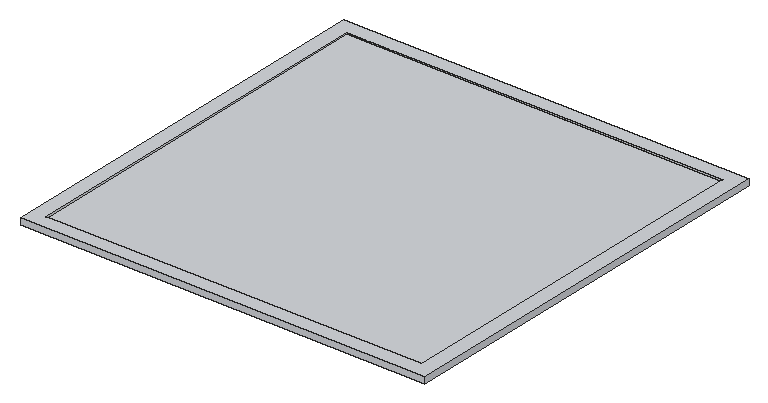
Revit family "595x595_START Panel Backlit UGR19 - Copy (3) - Copy", category Lighting Fixtures, host Face, Revit 2017
Family settings
  Host = Face
  Round Connector Dimension = Use Diameter
  Part Type = Normal
  OmniClass Number = 23.80.70.00
  OmniClass Title = Lighting
  Cut with Voids When Loaded = No
  Light Source = Yes
  Shared = No
  Room Calculation Point = No
Parameters (values of type "0042189")
  Weight = "119.34 kg"
  Wattage Comments = ""
  Wattage = 42 W
  WarrantyStartDate [instance] = "n/a"
  WarrantyGuarantorParts = "n/a"
  WarrantyDurationUnit = "n/a"
  WarrantyDurationParts = "n/a"
  WarrantyDescription = "n/a"
  WIDTH_SYL = 297.5 mm
  built-in parameter 1150110 = 1 (stored number, unit not read)
  Voltage = 0 V
  URL = "http://www.sylvania-lighting.com"
  TypeName = "0042189 ST PANEL UGR19 600X600 4600LM 830 LILO"
  Type Image = <None>
  Type Comments = "n/a"
  built-in parameter 1114217 = 1 (stored number, unit not read)
  Tilt Angle = -90.00°
  built-in parameter 1150109 = 1 (stored number, unit not read)
  built-in parameter 1150134 = (empty or 0)
  TOPWIDTH_SYL = 245 mm
  built-in parameter 1150113 = 1 (stored number, unit not read)
  SerialNumber [instance] = "n/a"
  Photometric Web File = "0042189.ies"
  Material_3_SYL = none
  PowerFactor = 0.9
  PowerConsumption = "42 W"
  NominalLength = 595 mm
  NominalHeight = 35 mm
  NominalDepth = 595 mm
  Name = "START Panel UGR19 600x600 4600Lm 830 LILO"
  ModelReference = Name  # "START Panel UGR19 600x600 4600Lm 830 LILO"
  ModelNumber = "0042189"
  Model = Name  # "START Panel UGR19 600x600 4600Lm 830 LILO"
  Material = "aluminium,steel housing, other diffuser"
  ManufacturerName = "Feilo Sylvania"
  Manufacturer = "Feilo Sylvania"
  MAINHEIGHT_SYL = 63 mm
  LuminousEfficacy = "110 lm/W"
  built-in parameter 1150105 = 367.65 (stored number, unit not read)
  Lumens = 4620 lm
  LuminaireType = ""
  built-in parameter 1150115 = 1 (stored number, unit not read)
  LightOutputRatio = ""
  built-in parameter 1150137 = (empty or 0)
  built-in parameter 1150139 = (empty or 0)
  LampsType = Lamp  # "LED"
  LampNominalLuminous = "4600 lm"
  LampMacAdamStep = "6"
  LampColourTemperature = "3000 K"
  LampColourRenderingIndex = "80"
  built-in parameter 1150112 = 1 (stored number, unit not read)
  built-in parameter 1150114 = 1 (stored number, unit not read)
  Lamp = "LED"
  LUMWIDTH_SYL = 276.5 mm
  LUMDEPTH_SYL = 276.5 mm
  Keynote = "16500"
  InstallationDate [instance] = "n/a"
  InputVoltage = ""
  InputNominalFrequency = ""
  built-in parameter 1150132 = (empty or 0)
  built-in parameter 1150102 = (empty or 0)
  built-in parameter 1150107 = 3000 (stored number, unit not read)
  built-in parameter 1150138 = (empty or 0)
  IngressProtection = "IP40/20"
  ImpactProtectionIndex = "IK03"
  built-in parameter 1150106 = 3.6765 (stored number, unit not read)
  IfcExportType = "IfcLightFixtureType"
  IfcExportAs = "IfcLightFixtureType"
  HEIGHT_SYL = 33 mm
  HEIGHTBOTT_SYL = 7 mm
  Emit from Circle Diameter = 609.6 mm
  Emit Shape Visible in Rendering = no
  ElectricShockClassification = "Class II"
  built-in parameter 1150104 = 10.219 (stored number, unit not read)
  DocumentationLiterature = "http://www.sylvania-lighting.com/product/en-int/products/0042189"
  DimmingControlOptions = "n/a"
  Material_2_SYL = none
  Dimming Lamp Color Temperature Shift = <None>
  Description = ""
  Default Elevation = 1219.2 mm
  DEPTH_SYL = 297.5 mm
  CreatedOn = "7/3/2020"
  CreatedBy = "@sylvania-lighting.com"
  Cost = 0
  Color Filter = 16777215
  built-in parameter 1114216 [instance] = (empty or 0)
  ClassificationValue = "EF_70_80"
  ClassificationName = "Uniclass2015"
  Material_1_SYL = none
  BarCode [instance] = "n/a"
  built-in parameter 1114218 = 1 (stored number, unit not read)
  BOX_WIDTH_SYL = 40 mm
  built-in parameter 1150133 = 10 (stored number, unit not read)
  AssetType = "Fixed"
  AssetIdentifier [instance] = "n/a"
  Assembly Code = "D5020200"
  Apparent Load = 42 VA
  Material_4_SYL = none
  -LUMDEPTH_SYL = LUMDEPTH_SYL * (-1)  # -276.5 mm
Reference planes
  plane 1 "Center (Front/Back)": y = 0
  plane 2: z = 0
  plane 3 "Center (Left/Right)": x = 0
  plane 4: x = -297.5
  plane 5: x = 297.5
  plane 6: y = 297.5
  plane 7: y = -297.5
  plane 8: x = 276.5
  plane 9: x = -276.5
  plane 10: y = 276.5
  plane 11: y = -276.5
  plane 12: z = -33
  plane 13: z = -7
  plane 14: x = -245
  plane 15: x = 245
  plane 16: y = -245
  plane 17: y = 245
  plane 18: y = 276.5
  plane 19: y = -276.5
  plane 20: z = -63
  plane 21: x = -40
  plane 22: x = 40
Forms (mm)
  Extrusion 1, solid
    sketch origin (0, 0, 0) x (1, 0, 0) y (0, 1, 0)
      loop
        line (-297.5, 297.5) -> (-297.5, -297.5) -> (297.5, -297.5) -> (297.5, 297.5) -> (-297.5, 297.5)
    from -7 to 2
  Extrusion 2, void
    sketch origin (0, 0, 0) x (1, 0, 0) y (0, 1, 0)
      loop
        line (-276.5, 276.5) -> (-276.5, -276.5) -> (276.5, -276.5) -> (276.5, 276.5) -> (-276.5, 276.5)
    from 0 to 10
  Extrusion 3, solid
    sketch origin (0, 0, 0) x (1, 0, 0) y (0, 0, 1)
      loop
        line (-276.5, -7) -> (-245, -33) -> (245, -33) -> (276.5, -7) -> (-276.5, -7)
    from -276.5 <- "-LUMDEPTH_SYL" to 276.5 <- "LUMDEPTH_SYL"
  Extrusion 4, void
    sketch origin (319, 1524, 1219.2) x (0, 1, 0) y (0, 0, 1)
      loop
        line (-1279, -1252.2) -> (-1247.5, -1252.2) -> (-1247.5, -1226.2) -> (-1279, -1252.2)
      loop
        line (-1800.5, -1226.2) -> (-1800.5, -1252.2) -> (-1769, -1252.2) -> (-1800.5, -1226.2)
    from -1000 to 1000
  Extrusion 5, solid
    sketch origin (0, 0, 0) x (1, 0, 0) y (0, 0, 1)
      loop
        line (-40, -33) -> (-40, -63) -> (40, -63) -> (40, -33) -> (-40, -33)
    from -40 to 40
Cuts and joins
  Extrusion 2 cuts Extrusion 1
  Extrusion 4 cuts Extrusion 3
Dimensions and locks
  "WIDTH_SYL": plane 4 to plane 3 "Center (Left/Right)" to plane 5
  "DEPTH_SYL": plane 7 to plane 1 "Center (Front/Back)" to plane 6
  "LUMWIDTH_SYL": plane 9 to plane 3 "Center (Left/Right)" to plane 8
  "LUMDEPTH_SYL": plane 11 to plane 1 "Center (Front/Back)" to plane 10
  "HEIGHT_SYL": host face to plane 12
  "HEIGHTBOTT_SYL": host face to plane 13
  "TOPWIDTH_SYL": plane 14 to imposter light to plane 15
  "TOPWIDTH_SYL": plane 17 to imposter light to plane 16
  "LUMWIDTH_SYL": plane 18 to imposter light to plane 19
  "MAINHEIGHT_SYL": host face to plane 20
  "BOX_WIDTH_SYL": plane 21 to imposter light to plane 22
  Extrusion 5 sketch curve to Extrusion 5 sketch curve to plane 13 = 30 mm, 26 mm
  aligned and locked: plane 2 to host face
  aligned and locked: level to host face
  aligned and locked: plane 6 to Extrusion 1 sketch curve
  aligned and locked: plane 4 to Extrusion 1 sketch curve
  aligned and locked: Extrusion 1 sketch curve to plane 7
  aligned and locked: Extrusion 1 sketch curve to plane 5
  aligned and locked: plane 10 to Extrusion 2 sketch curve
  aligned and locked: Extrusion 2 sketch curve to plane 9
  aligned and locked: Extrusion 2 sketch curve to plane 11
  aligned and locked: plane 8 to Extrusion 2 sketch curve
  aligned and locked: Extrusion 5 sketch curve to plane 21
  aligned and locked: plane 22 to Extrusion 5 sketch curve
Automatic sketch dimensions
  host sketch curve to host sketch curve = 2438.4 mm  (x2)
  plane 9 to Extrusion 3 sketch curve = 0 mm
  Extrusion 3 sketch curve to plane 12 = 0 mm
  plane 14 to Extrusion 3 sketch curve = 0 mm
  plane 15 to Extrusion 3 sketch curve = 0 mm
  plane 8 to Extrusion 3 sketch curve = 0 mm
  Extrusion 3 sketch curve to plane 13 = 0 mm
  Extrusion 4 sketch curve to plane 11 = 0 mm
  plane 12 to Extrusion 4 sketch curve = 0 mm  (x2)
  Extrusion 4 sketch curve to plane 16 = 0 mm
  Extrusion 4 sketch curve to plane 17 = 0 mm
  Extrusion 4 sketch curve to plane 10 = 0 mm
  plane 13 to Extrusion 4 sketch curve = 0 mm  (x2)
